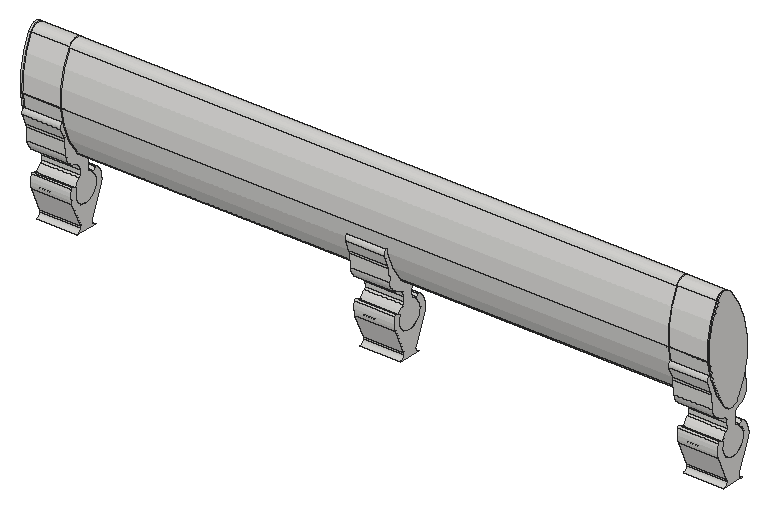
Revit family "Sunshade-Kawneer-Versoleil", category Specialty Equipment, host Face, Revit 2015 (continued)
Definition of nested family "Blade-Kawneer-Joint-Oval"
  Dimensions and locks (in)
    aligned and locked: curve 2 to curve 4
    aligned and locked: curve 3 to curve 4
